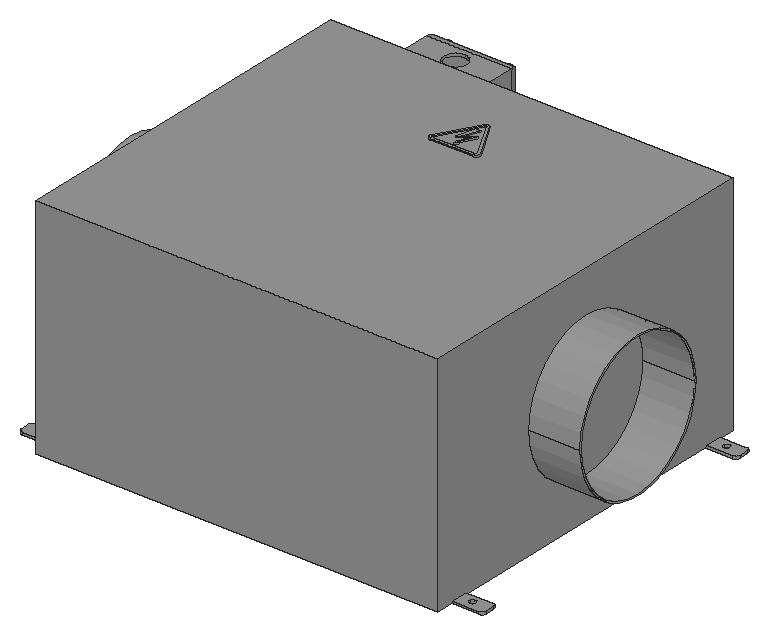
Revit family "КСБ ЕС_Eng", category Mechanical Equipment, Revit 2021
Family settings
  Round Connector Dimension = Use Diameter
  Classification = None
  Part Type = Normal
  Work Plane-Based = No
  Always vertical = Yes
  Cut with Voids When Loaded = No
  Shared = No
  Room Calculation Point = No
Parameters (values of type "KSB 125 EC")
  Width = L + 50 mm  # 375 mm
  Weight = 5.40 kg
  Voltage = 230 V
  Pressure_Static_Air [instance] = 0.0 Pa
  Power = 92.6 W
  Number of Fase = 1
  Maximum Air Flow = 99.0 L/s
  Load Classification = "HVAC"
  Length = B1  # 447 mm
  Height = H  # 200 mm
  Frequency = 50 Hz  # constant formula
  Diameter = Dy  # 125 mm
  Default Elevation = 0 mm
  Manufacturer = "Vents"  # constant formula
  l = (B1 - B) / 2  # 46 mm
  h1 = H - H / 4  # 150 mm
  h = H / 2  # 100 mm
  Maintenance zone material = none
  URL = "https://ventilation-system.com/series/ksb-ec"
  L = 325 mm
  H = 200 mm
  Dy = 125 mm
  B3 = B / 4  # 88.75 mm
  B = 355 mm
  B2 = 380 mm
  D1 = Dy + 2 mm  # 127 mm
  Casing Material = Steel, galvanized
  L2 = 280 mm
  B1 = 447 mm
  Amperage = 0.75 A
  Air Flow [instance] = 0.0 L/s
  09_System_Name [instance] = ""
  00_20_Type = "KSB 125 EC"
  00_20_Name = "Sound-insulated fan with EC motor"  # constant formula
  00_20_Manufacturer = "Vents"  # constant formula
Types (8, lengths in mm): name | Width | Weight | Power | Maximum Air Flow | Length | Height | Diameter | l | h1 | h | L | H | Dy | B3 | B | B2 | D1 | L2 | B1 | Amperage | 00_20_Type
  (no name) | 375 | 5.40 kg | 92.6 W | 99.0 L/s | 447 | 200 | 125 | 46 | 150 | 100 | 325 | 200 | 125 | 88.75 | 355 | 380 | 127 | 280 | 447 | 0.75 A | "KSB 125 EC"
  KSB 100 EC | 375 | 5.40 kg | 92.7 W | 77.0 L/s | 447 | 200 | 100 | 46 | 150 | 100 | 325 | 200 | 100 | 88.75 | 355 | 380 | 102 | 280 | 447 | 0.75 A | "KSB 100 EC"
  KSB 315 EC | 485 | 15.50 kg | 164.3 W | 350.0 L/s | 650 | 405 | 315 | 52.5 | 303.75 | 202.5 | 435 | 405 | 315 | 136.25 | 545 | 566 | 317 | 438 | 650 | 1.35 A | "KSB 315 EC"
  KSB 125 EC | 375 | 5.40 kg | 92.6 W | 99.0 L/s | 447 | 200 | 125 | 46 | 150 | 100 | 325 | 200 | 125 | 88.75 | 355 | 380 | 127 | 280 | 447 | 0.75 A | "KSB 125 EC"
  KSB 160 EC | 405 | 6.40 kg | 94.8 W | 118.0 L/s | 477 | 220 | 160 | 46 | 165 | 110 | 355 | 220 | 160 | 96.25 | 385 | 410 | 162 | 310 | 477 | 0.77 A | "KSB 160 EC"
  KSB 200 EC | 485 | 10.00 kg | 101.6 W | 194.0 L/s | 590 | 295 | 200 | 52.5 | 221.25 | 147.5 | 435 | 295 | 200 | 121.25 | 485 | 506 | 202 | 368 | 590 | 0.83 A | "KSB 200 EC"
  KSB 250 EC | 485 | 12.50 kg | 163.7 W | 318.0 L/s | 590 | 295 | 250 | 52.5 | 221.25 | 147.5 | 435 | 295 | 250 | 121.25 | 485 | 506 | 252 | 368 | 590 | 1.34 A | "KSB 250 EC"
  KSB 150 EC | 375 | 6.40 kg | 94.8 W | 118.0 L/s | 447 | 220 | 150 | 31 | 165 | 110 | 325 | 220 | 150 | 96.25 | 385 | 410 | 152 | 310 | 447 | 0.77 A | "KSB 150 EC"
Reference planes
  plane 1 "По центру (Вперед/Назад)": y = 0
  plane 2: z = 0
  plane 3 "По центру (Влево/Вправо)": x = 0
  plane 4: y = 162.5
  plane 5: y = -162.5
  plane 6: x = -177.5
  plane 7: x = 177.5
  plane 8: z = 100
  plane 9: x = -190
  plane 10: x = 190
  plane 11: y = -140
  plane 12: y = 140
Forms (mm)
  Extrusion 1, solid, material "Steel, galvanized"
    sketch origin (0, 0, 0) x (1, 0, 0) y (0, 1, 0)
      loop
        line (-177.5, 162.5) -> (-177.5, -162.5) -> (177.5, -162.5) -> (177.5, 162.5) -> (-177.5, 162.5)
    from 0 to 200 <- "H"
  Extrusion 2, solid, material "Steel, galvanized"
    sketch origin (0, 0, 0) x (0, 1, 0) y (0, 0, 1)
      loop
        circle (0, 100) r 62.5
      loop
        circle (0, 100) r 63.5
    from 177.5 to 223.5
  Extrusion 3, solid, material "Steel, galvanized"
    sketch origin (0, 0, 0) x (0, 1, 0) y (0, 0, 1)
      loop
        circle (0, 100) r 62.5
      loop
        circle (0, 100) r 63.5
    from -223.5 to -177.5
Dimensions and locks
  equal spacing: plane 6, plane 3 "По центру (Влево/Вправо)", plane 7
  equal spacing: plane 4, plane 1 "По центру (Вперед/Назад)", plane 5
  "L": plane 4 to plane 5
  "B": plane 6 to plane 7
  "h": plane 8 to level
  "l": plane 7 to Extrusion 2
  "l": Extrusion 3 to plane 6
  equal spacing: plane 9, plane 3 "По центру (Влево/Вправо)", plane 10
  "B2": plane 9 to plane 10
  equal spacing: plane 12, plane 1 "По центру (Вперед/Назад)", plane 11
  "L2": plane 12 to plane 11
  "B3": plane 6 to nested 6
  "B1": Extrusion 3 to Extrusion 2
  "Dy": diameter of Extrusion 2 sketch curve
  "D1": diameter of Extrusion 2 sketch curve
  "Dy": diameter of Extrusion 3 sketch curve
  "D1": diameter of Extrusion 3 sketch curve
  aligned and locked: level to plane 2
  aligned and locked: Extrusion 1 sketch curve to plane 4
  aligned and locked: Extrusion 1 sketch curve to plane 6
  aligned and locked: plane 5 to Extrusion 1 sketch curve
  aligned and locked: Extrusion 1 sketch curve to plane 7
  aligned and locked: Extrusion 2 to plane 7
  aligned and locked: Extrusion 3 to plane 6
  aligned and locked: plane 9 to nested 4
  aligned and locked: plane 12 to nested 4
  aligned and locked: nested 2 to plane 9
  aligned and locked: plane 11 to nested 2
  aligned and locked: nested 1 to plane 10
  aligned and locked: nested 1 to plane 11
  aligned and locked: plane 10 to nested 3
  aligned and locked: nested 3 to plane 12
  aligned and locked: plane 3 "По центру (Влево/Вправо)" to nested 5
  aligned and locked: plane 4 to nested 6
  aligned and locked: plane 3 "По центру (Влево/Вправо)" to nested 7
  aligned and locked: nested 7 to plane 4
Automatic sketch dimensions
  Extrusion 2 sketch curve to Extrusion 2 sketch curve = 0 mm  (x2)
  Extrusion 2 sketch curve to plane 1 "По центру (Вперед/Назад)" = 0 mm
  Extrusion 2 sketch curve to plane 8 = 0 mm
  Extrusion 3 sketch curve to Extrusion 3 sketch curve = 0 mm  (x2)
  Extrusion 3 sketch curve to plane 1 "По центру (Вперед/Назад)" = 0 mm
  Extrusion 3 sketch curve to plane 8 = 0 mm
Nested families
  nested 1: "Ear" at (190, -140, 0), type "Ear"
  nested 2: "Ear" at (-190, -140, 0) x (-1, 0, 0) z (0, 0, 1), type "Ear"
  nested 3: "Ear" at (190, 140, 0), type "Ear"
  nested 4: "Ear" at (-190, 140, 0) x (-1, 0, 0) z (0, 0, 1), type "Ear"
  nested 5: "Stiker E" at (0, 73.826, 200), built-in parameter 1001360 <- "H", type "Stiker E"
  nested 6: "Сonnector" at (-88.75, 214.5, 150) x (0, -1, 0) z (0, 0, 1), built-in parameter 1001360 <- "h1", type "75х75"
  nested 7: "Arrow" at (0, 163.5, 150), built-in parameter 1001360 <- "h1", type "Arrow"
Connectors
  hvac at (223.5, 0, 100), driven by "Dy"
    settings: on Extrusion 2, index 1, duct flow 0.0 L/s, flow factor 0, pres drop 0.0 Pa, loss coef 0, conn angle 0.00°, conn width 304.8 mm, conn height 304.8 mm, conn diameter 125 mm, duct sys type 1, conn prof type 0, flow config 0, flow direction 1, loss method 0, conn ref index -1, conn util no, is conn primary yes, conn desc ""
  hvac at (-223.5, 0, 100), driven by "Dy"
    settings: on Extrusion 3, index 2, duct flow 0.0 L/s, flow factor 0, pres drop 0.0 Pa, loss coef 0, conn angle 0.00°, conn width 304.8 mm, conn height 304.8 mm, conn diameter 125 mm, duct sys type 1, conn prof type 0, flow config 0, flow direction 2, loss method 0, conn ref index -1, conn util no, is conn primary no, conn desc ""
  electrical at (-88.75, 189.5, 93.5), driven by "Voltage"
    settings: on nested 6, index 3, voltage 230 V, apparent load 0 VA, apparent load phase1 0 VA, apparent load phase2 0 VA, apparent load phase3 0 VA, power factor 1, load classification "Мощность", number of poles 1, system type 31, power factor state 1, is connector primary yes, connector utility no, sub classification motor no, connector description ""
Definition of nested family "Ear"
  Parameters (values of type "Ушко")
    Default Elevation = 0 mm
    Dy = 314 mm
    D1 = 316 mm
  Reference planes
    plane 1 "По центру (Вперед/Назад)": y = 0
    plane 2: z = 0
    plane 3 "По центру (Влево/Вправо)": x = 0
  Forms (mm)
    Extrusion 1, solid
      sketch origin (-15, 0, 0) x (1, 0, 0) y (0, 1, 0)
        loop
          line (0, -7.5) -> (26.25, -7.5)
          arc (26.25, -7.5) -> (28.902, -6.402) -> (30, -3.75) r 3.75
          line (30, -3.75) -> (30, 3.75)
          arc (30, 3.75) -> (28.902, 6.402) -> (26.25, 7.5) r 3.75
          line (26.25, 7.5) -> (0, 7.5) -> (0, -7.5)
      from 0 to 2
    Extrusion 2, void
      sketch origin (-15, 0, 0) x (1, 0, 0) y (0, 1, 0)
        loop
          circle (15, 0) r 3
      from 0 to 2
  Cuts and joins
    Extrusion 2 cuts Extrusion 1
  Dimensions and locks
    plane 3 "По центру (Влево/Вправо)" to Extrusion 2 sketch curve = 0 mm
    aligned and locked: level to plane 2
Definition of nested family "Stiker E"
  Parameters (values of type "Электрика")
    Default Elevation = 0 mm
  Reference planes
    plane 1 "По центру (Вперед/Назад)": y = 0
    plane 2: z = 0
    plane 3 "По центру (Влево/Вправо)": x = 0
  Forms (mm)
    Extrusion 1, solid
      sketch origin (0, 0, 0) x (1, 0, 0) y (0, 1, 0)
        loop
          line (0, 0.664) -> (18.543, 0.664)
          arc (18.543, 0.664) -> (21.349, 1.985) -> (22.119, 4.99) r 3.641
          line (22.119, 4.99) -> (2.806, 38.44)
          arc (2.806, 38.44) -> (0, 39.762) -> (-2.806, 38.44) r 3.641
          line (-2.806, 38.44) -> (-22.119, 4.99)
          arc (-22.119, 4.99) -> (-21.349, 1.985) -> (-18.543, 0.664) r 3.641
          line (-18.543, 0.664) -> (0, 0.664)
        loop
          arc (-20.055, 4.565) -> (-19.717, 3.245) -> (-18.484, 2.664) r 1.6
          line (-18.484, 2.664) -> (18.396, 2.664)
          arc (18.396, 2.664) -> (19.729, 3.379) -> (19.87, 4.885) r 1.6
          line (19.87, 4.885) -> (1.2, 37.223)
          arc (1.2, 37.223) -> (0.104, 37.807) -> (-1.079, 37.432) r 1.6
          line (-1.079, 37.432) -> (-20.055, 4.565)
      from 0 to 1
    Extrusion 2, solid
      sketch origin (0, 0, 0) x (1, 0, 0) y (0, 1, 0)
        loop
          line (1.519, 30.846) -> (-2.718, 30.846) -> (-7.387, 14.53) -> (2.226, 19.012) -> (-1.819, 8.947) -> (-2.667, 9.352) -> (-2.823, 5.949) -> (-0.273, 8.208) -> (-1.096, 8.601) -> (5.366, 22.132) -> (-4.385, 17.585) -> (1.519, 30.846)
      from 0 to 1
  Dimensions and locks
    aligned and locked: level to plane 2
Definition of nested family "Сonnector"
  Parameters (values of type "75х75")
    Ш1 = Ш / 2 - 15 mm  # 22.5 mm
    Ш = 75 mm
    Default Elevation = 0 mm
    Д1 = Д / 2 - 15 mm  # 22.5 mm
    Д = 75 mm
    t2 = 47 mm
    t1 = 209.821 mm
    t = 23.5 mm
    h = H / 2  # 25 mm
    H = 50 mm
    B1 = Д / 2 + 10 mm - 6 mm  # 41.5 mm
    B = Д / 2.8  # 26.786 mm
  Types (4, lengths in mm): name | Ш1 | Ш | Д1 | Д | B1 | B
    100х100 | 35 | 100 | 35 | 100 | 54 | 35.714
    200Х200 | 85 | 200 | 85 | 200 | 104 | 71.429
    Клемная коробка | 35 | 100 | 35 | 100 | 54 | 35.714
    75х75 | 22.5 | 75 | 22.5 | 75 | 41.5 | 26.786
  Reference planes
    plane 1 "По центру (Вперед/Назад)": y = 0
    plane 2: z = 0
    plane 3 "По центру (Влево/Вправо)": x = 0
  Forms (mm)
    Extrusion 1, solid
      sketch origin (0, 0, 0) x (0, 1, 0) y (0, 0, 1)
        loop
          line (37.5, -37.5) -> (37.5, 37.5) -> (-37.5, 37.5) -> (-37.5, -37.5) -> (37.5, -37.5)
      from 0 to 50 <- "H"
    Sweep 2, void
      path in 3D
        loop
          line (0, 37.5, 37.5) -> (0, 37.5, -37.5) -> (0, -37.5, -37.5) -> (0, -37.5, 37.5) -> (0, 37.5, 37.5)
      profile origin (0, 0, 37.5) x (-1, 0, 0) y (0, 0, 1)
        loop
          line (0, 0) -> (-10, 0)
          arc (-10, 0) -> (-2.929, -2.929) -> (0, -10) r 10
          line (0, -10) -> (0, 0)
    Extrusion 3, void
      sketch origin (0, 0, 0) x (1, 0, 0) y (0, 0, 1)
        loop
          circle (25, 16.776) r 10
        loop
          circle (25, -16.776) r 10
      from -37.5 to 37.5
    Extrusion 4, void
      sketch origin (0, 0, 0) x (0, 1, 0) y (0, 0, 1)
        loop
          line (35.5, 35.5) -> (-35.5, 35.5) -> (-35.5, -35.5) -> (35.5, -35.5) -> (35.5, 35.5)
      from 10 to 50
    Extrusion 5, void
      sketch origin (0, 0, 0) x (1, 0, 0) y (0, 1, 0)
        loop
          circle (25, 0) r 10
      from -37.5 to 37.5
    Extrusion 6, solid
      sketch origin (0, 0, 0) x (0, 1, 0) y (0, 0, 1)
        loop
          line (37.5, 37.5) -> (-37.5, 37.5) -> (-37.5, 10) -> (-57.5, 10) -> (-57.5, -10) -> (-37.5, -10) -> (-37.5, -37.5) -> (37.5, -37.5) -> (37.5, -10) -> (57.5, -10) -> (57.5, 10) -> (37.5, 10) -> (37.5, 37.5)
        loop
          circle (47.5, 0) r 5
        loop
          circle (-47.5, 0) r 5
      from 50 to 52
    Extrusion 7, solid
      sketch origin (0, 0, 0) x (1, 0, 0) y (0, 1, 0)
        loop
          circle (25, 0) r 11.971
      from -39.5 to -37.5
    Extrusion 8, solid
      sketch origin (0, 0, 0) x (1, 0, 0) y (0, 1, 0)
        loop
          circle (25, 0) r 10
      from -41.5 to -39.5
    Extrusion 9, solid
      sketch origin (0, 0, 0) x (1, 0, 0) y (0, 1, 0)
        loop
          line (38.981, 8.072) -> (25, 16.144) -> (11.019, 8.072) -> (11.019, -8.072) -> (25, -16.144) -> (38.981, -8.072) -> (38.981, 8.072)
      from -56.5 to -41.5
    Extrusion 10, solid
      sketch origin (0, 0, 0) x (1, 0, 0) y (0, 1, 0)
        loop
          circle (25, 0) r 11.971
      from -63 to -56.5
    Extrusion 11, solid
      sketch origin (0, 0, 0) x (0, 1, 0) y (0, 0, 1)
        loop
          line (53.5, 3.464) -> (47.5, 6.928) -> (41.5, 3.464) -> (41.5, -3.464) -> (47.5, -6.928) -> (53.5, -3.464) -> (53.5, 3.464)
      from 44 to 50
    Extrusion 12, solid
      sketch origin (0, 0, 0) x (0, -1, 0) y (0, 0, -1)
        loop
          line (53.5, -3.464) -> (53.5, 3.464) -> (47.5, 6.928) -> (41.5, 3.464) -> (41.5, -3.464) -> (47.5, -6.928) -> (53.5, -3.464)
      from 44 to 50
  Cuts and joins
    Sweep 2, Extrusion 3, Extrusion 4, Extrusion 5 cuts Extrusion 1
  Lines and regions (mm)
    sketch lines
      curve 1: line (0, -37.5, 37.5) -> (0, 37.5, 37.5)
      curve 2: line (0, -37.5, -37.5) -> (0, -37.5, 37.5)
      curve 3: line (0, 37.5, -37.5) -> (0, -37.5, -37.5)
      curve 4: line (0, 37.5, 37.5) -> (0, 37.5, -37.5)
  Dimensions and locks
    equal spacing: Extrusion 1 sketch curve, plane 1 "По центру (Вперед/Назад)", Extrusion 1 sketch curve
    "Д": Extrusion 1 sketch curve to Extrusion 1 sketch curve
    equal spacing: Extrusion 1 sketch curve, level, Extrusion 1 sketch curve
    "Ш": Extrusion 1 sketch curve to Extrusion 1 sketch curve
    Extrusion 4 sketch curve to cut or joined group of Extrusion 1, Sweep 2, Extrusion 3, Extrusion 4, Extrusion 5 = 2 mm  (x3)
    cut or joined group of Extrusion 1, Sweep 2, Extrusion 3, Extrusion 4, Extrusion 5 to Extrusion 4 sketch curve = 2 mm
    locked: Extrusion 6 to Extrusion 6 at 2
    locked: Extrusion 6 sketch curve to Extrusion 6 sketch curve at 20  (x2)
    equal spacing: Extrusion 6 sketch curve, level, Extrusion 6 sketch curve  (x2)
    locked: Extrusion 6 sketch curve to cut or joined group of Extrusion 1, Sweep 2, Extrusion 3, Extrusion 4, Extrusion 5 at 20
    locked: cut or joined group of Extrusion 1, Sweep 2, Extrusion 3, Extrusion 4, Extrusion 5 to Extrusion 6 sketch curve at 20
    locked: Extrusion 6 sketch curve to cut or joined group of Extrusion 1, Sweep 2, Extrusion 3, Extrusion 4, Extrusion 5 at 10
    locked: cut or joined group of Extrusion 1, Sweep 2, Extrusion 3, Extrusion 4, Extrusion 5 to Extrusion 6 sketch curve at 10
    locked: Extrusion 7 to Extrusion 7 at 2
    locked: Extrusion 7 to Extrusion 8 at 2
    locked: Extrusion 9 to Extrusion 9 at 15
    locked: Extrusion 9 to Extrusion 10 at 6.5
    "B": nested 1 to plane 1 "По центру (Вперед/Назад)"
    "B": plane 1 "По центру (Вперед/Назад)" to nested 2
    "B": nested 3 to plane 1 "По центру (Вперед/Назад)"
    "B": plane 1 "По центру (Вперед/Назад)" to nested 4
    "B": nested 1 to level
    "B": nested 2 to level
    "B": level to nested 3
    "B": level to nested 4
    "B1": Extrusion 11 to plane 1 "По центру (Вперед/Назад)"
    "B1": plane 1 "По центру (Вперед/Назад)" to Extrusion 12
    locked: Extrusion 11 to Extrusion 6 at 6
    locked: Extrusion 12 to Extrusion 6 at 6
    aligned and locked: level to plane 2
    aligned and locked: Extrusion 1 to Extrusion 3  (x2)
    aligned and locked: Sweep 2 to Extrusion 4
    aligned and locked: Extrusion 1 to Extrusion 5  (x2)
    aligned and locked: Extrusion 6 to cut or joined group of Extrusion 1, Sweep 2, Extrusion 3, Extrusion 4, Extrusion 5
    aligned and locked: cut or joined group of Extrusion 1, Sweep 2, Extrusion 3, Extrusion 4, Extrusion 5 to Extrusion 6 sketch curve
    aligned and locked: Extrusion 6 sketch curve to cut or joined group of Extrusion 1, Sweep 2, Extrusion 3, Extrusion 4, Extrusion 5  (x3)
    aligned and locked: Extrusion 6 sketch curve to Extrusion 6 sketch curve  (x2)
    aligned and locked: Extrusion 8 to Extrusion 7
    aligned and locked: Extrusion 7 to cut or joined group of Extrusion 1, Sweep 2, Extrusion 3, Extrusion 4, Extrusion 5
    aligned and locked: Extrusion 9 to Extrusion 8
    aligned and locked: Extrusion 10 to Extrusion 9
    aligned and locked: cut or joined group of Extrusion 1, Sweep 2, Extrusion 3, Extrusion 4, Extrusion 5 to Extrusion 11
    aligned and locked: Extrusion 12 to cut or joined group of Extrusion 1, Sweep 2, Extrusion 3, Extrusion 4, Extrusion 5
  Automatic sketch dimensions
    Sweep 2 sketch curve to profile plane = 0 mm  (x2)
    profile plane to Sweep 2 sketch curve = 10 mm
    plane 3 "По центру (Влево/Вправо)" to Extrusion 3 sketch curve = 25 mm  (x2)
    Extrusion 3 sketch curve to level = 16.776 mm
    level to Extrusion 3 sketch curve = 16.776 mm
    plane 1 "По центру (Вперед/Назад)" to Extrusion 5 sketch curve = 0 mm
    plane 3 "По центру (Влево/Вправо)" to Extrusion 5 sketch curve = 25 mm
    Extrusion 6 sketch curve to level = 0 mm  (x2)
    plane 1 "По центру (Вперед/Назад)" to Extrusion 7 sketch curve = 0 mm
    plane 3 "По центру (Влево/Вправо)" to Extrusion 7 sketch curve = 25 mm
    plane 1 "По центру (Вперед/Назад)" to Extrusion 8 sketch curve = 0 mm
    plane 3 "По центру (Влево/Вправо)" to Extrusion 8 sketch curve = 25 mm
    plane 3 "По центру (Влево/Вправо)" to Extrusion 9 sketch curve = 11.019 mm
    Extrusion 9 sketch curve to Extrusion 9 sketch curve = 13.981 mm  (x3)
    Extrusion 9 sketch curve to plane 1 "По центру (Вперед/Назад)" = 8.072 mm  (x2)
    plane 1 "По центру (Вперед/Назад)" to Extrusion 9 sketch curve = 8.072 mm  (x2)
    Extrusion 9 sketch curve to Extrusion 9 sketch curve = 8.072 mm
    Extrusion 9 sketch curve to plane 1 "По центру (Вперед/Назад)" = 16.144 mm
    plane 1 "По центру (Вперед/Назад)" to Extrusion 10 sketch curve = 0 mm
    plane 3 "По центру (Влево/Вправо)" to Extrusion 10 sketch curve = 25 mm
    Extrusion 11 sketch curve to level = 3.464 mm  (x2)
    Extrusion 11 sketch curve to plane 1 "По центру (Вперед/Назад)" = 41.5 mm
    level to Extrusion 11 sketch curve = 6.928 mm
    Extrusion 11 sketch curve to Extrusion 11 sketch curve = 6 mm  (x3)
    Extrusion 11 sketch curve to level = 6.928 mm
    level to Extrusion 11 sketch curve = 3.464 mm  (x2)
    Extrusion 12 sketch curve to level = 3.464 mm  (x2)
    plane 1 "По центру (Вперед/Назад)" to Extrusion 12 sketch curve = 41.5 mm
    level to Extrusion 12 sketch curve = 6.928 mm
    Extrusion 12 sketch curve to Extrusion 12 sketch curve = 6 mm  (x3)
    Extrusion 12 sketch curve to level = 6.928 mm
    level to Extrusion 12 sketch curve = 3.464 mm  (x2)
    radius of Extrusion 3 sketch curve = 10 mm  (x2)
    radius of Extrusion 5 sketch curve = 10 mm
    radius of Extrusion 6 sketch curve = 5 mm  (x2)
    radius of Extrusion 7 sketch curve = 11.971 mm
    radius of Extrusion 8 sketch curve = 10 mm
    radius of Extrusion 10 sketch curve = 11.971 mm
  Nested families
    nested 1: "Винт_гор" at (0, 26.786, 27.536), type "M6х20"
    nested 2: "Винт_гор" at (0, -26.786, 27.536), type "M6х20"
    nested 3: "Винт_гор" at (0, 26.786, -27.536), type "M6х20"
    nested 4: "Винт_гор" at (0, -26.786, -27.594), type "M6х20"
  Definition of nested family "Винт_гор"
    Parameters (values of type "M6х20")
      Default Elevation = 0 mm
      r = D / 2  # 3 mm
      R = r * 1.7  # 5.1 mm
      L = 20 mm
      D = 6 mm
    Types (2, lengths in mm): name | r | R | D
      M6х20 | 3 | 5.1 | 6
      M8x20 | 4 | 6.8 | 8
    Reference planes
      plane 1 "По центру (Вперед/Назад)": y = 0
      plane 2: z = 0
      plane 3 "По центру (Влево/Вправо)": x = 0
    Forms (mm)
      Revolve 1, solid
        sketch origin (0, 0, 0) x (1, 0, 0) y (0, 1, 0)
          loop
            line (15.807, 0) -> (-3.258, 0)
            arc (-3.258, 0) -> (-2.742, -2.826) -> (-0.988, -5.1) r 6.088
            line (-0.988, -5.1) -> (0, -5.1) -> (0, -3) -> (15.807, -3) -> (15.807, 0)
          axis (-3.258, 0) -> (15.807, 0)
        angle from 0 to 360
      Extrusion 2, void
        sketch origin (0, 0, 0) x (0, 1, 0) y (0, 0, 1)
          loop
            line (0.75, -5.708) -> (0.75, -0.75) -> (6.327, -0.75) -> (6.327, 0.75) -> (0.75, 0.75) -> (0.75, 6.805) -> (-0.75, 6.805) -> (-0.75, 0.808) -> (-6.096, 0.808) -> (-6.096, -0.75) -> (-0.75, -0.75) -> (-0.75, -5.708) -> (0.75, -5.708)
        from -4 to -0.988
    Cuts and joins
      Extrusion 2 cuts Revolve 1
    Dimensions and locks
      "r": Revolve 1 sketch curve to plane 1 "По центру (Вперед/Назад)"
      "R": Revolve 1 sketch curve to Revolve 1 sketch curve
      aligned and locked: level to plane 2
    Automatic sketch dimensions
      Extrusion 2 sketch curve to level = 0.75 mm  (x2)
      plane 1 "По центру (Вперед/Назад)" to Extrusion 2 sketch curve = 6.096 mm
      Extrusion 2 sketch curve to plane 1 "По центру (Вперед/Назад)" = 0.75 mm  (x2)
      Extrusion 2 sketch curve to Extrusion 2 sketch curve = 5.577 mm
      Extrusion 2 sketch curve to Extrusion 2 sketch curve = 4.958 mm
      level to Extrusion 2 sketch curve = 0.808 mm
      Extrusion 2 sketch curve to Extrusion 2 sketch curve = 6.055 mm
      plane 1 "По центру (Вперед/Назад)" to Extrusion 2 sketch curve = 0.75 mm  (x2)
      level to Extrusion 2 sketch curve = 0.75 mm
      plane 1 "По центру (Вперед/Назад)" to Revolve 1 sketch curve = 0 mm  (x2)
      Revolve 1 sketch curve to plane 3 "По центру (Влево/Вправо)" = 0 mm
      Revolve 1 sketch curve to plane 3 "По центру (Влево/Вправо)" = 0.988 mm
      Revolve 1 sketch curve to plane 3 "По центру (Влево/Вправо)" = 3.258 mm
      plane 1 "По центру (Вперед/Назад)" to Revolve 1 sketch curve = 0.35 mm
      Revolve 1 sketch curve to Revolve 1 sketch curve = 12.987 mm
      Revolve 1 sketch curve to Revolve 1 sketch curve = 1.149 mm
      Revolve 1 sketch curve to Revolve 1 sketch curve = 0.481 mm
Definition of nested family "Arrow"
  Parameters (values of type "Cтрелка")
    Default Elevation = 0 mm
  Reference planes
    plane 1 "По центру (Вперед/Назад)": y = 0
    plane 2: z = 0
    plane 3 "По центру (Влево/Вправо)": x = 0
  Forms (mm)
    Extrusion 1, solid
      sketch origin (0, 0, 0) x (-1, 0, 0) y (0, 0, -1)
        loop
          line (-20, 7.5) -> (-20, -7.5) -> (20, -7.5) -> (20, 7.5) -> (-20, 7.5)
        loop
          line (-10.967, 0) -> (-10.967, -2.486) -> (3.357, -2.486) -> (3.357, -4.529) -> (11.203, 0) -> (3.357, 4.529) -> (3.357, 2.486) -> (-10.967, 2.486) -> (-10.967, 0)
      from 0 to 1
  Dimensions and locks
    aligned and locked: level to plane 2
